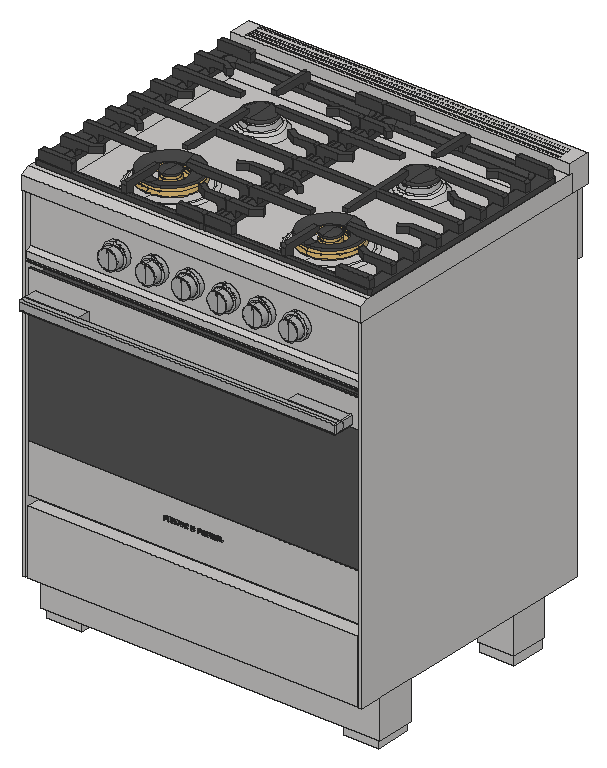
Revit family "FP_Revit_18_OR30SDG4X1_Range_90001006A", category Specialty Equipment, Revit 2018 (continued)
Definition of nested family "F&P Trivet Range Classic 30"
  Forms (mm)
    Extrusion 6, solid, material <- "Material - Burners & Trivets", detail levels medium+fine
      sketch origin (0, 0, 0) x (1, 0, 0) y (0, 0, 1)
        loop
          line (-5.9, 40) -> (-49.369, 40) -> (-49.369, 26) -> (-24.85, 26)
          arc (-24.85, 26) -> (-21.314, 24.536) -> (-19.85, 21) r 5
          line (-19.85, 21) -> (-19.85, 9.497) -> (-9.304, 19) -> (-0.9, 19)
      from 56.818 to 68.598
    Extrusion 7, solid, material <- "Material - Burners & Trivets", detail levels medium+fine
      sketch origin (0, 0, 0) x (1, 0, 0) y (0, 0, 1)
        loop
          line (-370.85, 19) -> (-347.6, 19) -> (-337.05, 9.493) -> (-337.05, 21)
          arc (-337.05, 21) -> (-335.586, 24.536) -> (-332.05, 26) r 5
          line (-332.05, 26) -> (-241.764, 26) -> (-218.764, 31.5) -> (-218.764, 40) -> (-365.85, 40)
          arc (-365.85, 40) -> (-369.386, 38.536) -> (-370.85, 35) r 5
          line (-370.85, 35) -> (-370.85, 19)
        loop
          line (-0.9, 19) -> (-0.9, 35)
          arc (-0.9, 35) -> (-2.364, 38.536) -> (-5.9, 40) r 5
          line (-5.9, 40) -> (-139.236, 40) -> (-139.236, 31.5) -> (-116.236, 26) -> (-24.85, 26)
          arc (-24.85, 26) -> (-21.314, 24.536) -> (-19.85, 21) r 5
          line (-19.85, 21) -> (-19.85, 9.497) -> (-9.304, 19) -> (-0.9, 19)
      from 119.209 to 130.989
    Extrusion 8, solid, material <- "Material - Burners & Trivets", detail levels medium+fine
      sketch origin (0, 0, 0) x (1, 0, 0) y (0, 1, 0)
        loop
          line (-308.63, -181.6) -> (-308.63, -193.38) -> (-285.489, -180.02) -> (-290.59, -171.185) -> (-308.63, -181.6)
        loop
          line (-49.37, -181.6) -> (-67.41, -171.185) -> (-72.511, -180.02) -> (-49.37, -193.38) -> (-49.37, -181.6)
        loop
          line (-308.63, -68.598) -> (-290.59, -79.014) -> (-285.489, -70.179) -> (-308.63, -56.818) -> (-308.63, -68.598)
        loop
          line (-49.37, -68.598) -> (-49.37, -56.818) -> (-72.511, -70.179) -> (-67.41, -79.014) -> (-49.37, -68.598)
      from 26 to 40
    Extrusion 9, solid, material <- "Material - Burners & Trivets", detail levels medium+fine
      sketch origin (0, 0, 0) x (0, 1, 0) y (0, 0, 1)
        loop
          line (-239.1, 9.493) -> (-239.1, 21.869)
          arc (-239.1, 21.869) -> (-237.636, 25.405) -> (-234.1, 26.869) r 5
          line (-234.1, 26.869) -> (-184.162, 26.869) -> (-164.798, 31.5) -> (-164.798, 40) -> (-251.51, 40)
          arc (-251.51, 40) -> (-255.046, 38.536) -> (-256.51, 35) r 5
          line (-256.51, 35) -> (-256.51, 19) -> (-249.65, 19) -> (-239.1, 9.493)
        loop
          line (-6.011, 26.869) -> (-6.011, 40) -> (-85.401, 40) -> (-85.401, 31.5) -> (-66.036, 26.869) -> (-6.011, 26.869)
        loop
          line (239.1, 9.493) -> (249.65, 19) -> (256.51, 19) -> (256.51, 35)
          arc (256.51, 35) -> (255.046, 38.536) -> (251.51, 40) r 5
          line (251.51, 40) -> (164.798, 40) -> (164.798, 31.5) -> (184.162, 26.869) -> (234.1, 26.869)
          arc (234.1, 26.869) -> (237.636, 25.405) -> (239.1, 21.869) r 5
          line (239.1, 21.869) -> (239.1, 9.493)
        loop
          line (6.011, 26.869) -> (66.036, 26.869) -> (85.401, 31.5) -> (85.401, 40) -> (6.011, 40) -> (6.011, 26.869)
      from -184.333 to -173.667
    Extrusion 10, solid, material <- "Material - Burners & Trivets", detail levels medium+fine
      sketch origin (0, 0, 0) x (1, 0, 0) y (0, 0, -1)
        loop
          line (-370.85, -19) -> (-370.85, -35)
          arc (-370.85, -35) -> (-369.386, -38.536) -> (-365.85, -40) r 5
          line (-365.85, -40) -> (-308.63, -40) -> (-308.63, -26) -> (-332.05, -26)
          arc (-332.05, -26) -> (-335.586, -24.536) -> (-337.05, -21) r 5
          line (-337.05, -21) -> (-337.05, -9.493) -> (-347.6, -19) -> (-370.85, -19)
        loop
          line (-0.9, -19) -> (-9.304, -19) -> (-19.85, -9.497) -> (-19.85, -21)
          arc (-19.85, -21) -> (-21.314, -24.536) -> (-24.85, -26) r 5
          line (-24.85, -26) -> (-49.369, -26) -> (-49.369, -40) -> (-5.9, -40)
          arc (-5.9, -40) -> (-2.364, -38.536) -> (-0.9, -35) r 5
          line (-0.9, -35) -> (-0.9, -19)
      from 181.6 to 193.38
    Extrusion 11, solid, material <- "Material - Burners & Trivets", detail levels medium+fine
      sketch origin (0, 0, 0) x (1, 0, 0) y (0, 0, -1)
        loop
          line (-370.85, -19) -> (-370.85, -35)
          arc (-370.85, -35) -> (-369.386, -38.536) -> (-365.85, -40) r 5
          line (-365.85, -40) -> (-308.63, -40) -> (-308.63, -26) -> (-332.05, -26)
          arc (-332.05, -26) -> (-335.586, -24.536) -> (-337.05, -21) r 5
          line (-337.05, -21) -> (-337.05, -9.493) -> (-347.6, -19) -> (-370.85, -19)
        loop
          line (-0.9, -19) -> (-9.304, -19) -> (-19.85, -9.497) -> (-19.85, -21)
          arc (-19.85, -21) -> (-21.314, -24.536) -> (-24.85, -26) r 5
          line (-24.85, -26) -> (-49.369, -26) -> (-49.369, -40) -> (-5.9, -40)
          arc (-5.9, -40) -> (-2.364, -38.536) -> (-0.9, -35) r 5
          line (-0.9, -35) -> (-0.9, -19)
      from 56.818 to 68.598
    Extrusion 12, solid, material <- "Material - Burners & Trivets", detail levels medium+fine
      sketch origin (0, 0, 0) x (1, 0, 0) y (0, 0, -1)
        loop
          line (-370.85, -19) -> (-370.85, -35)
          arc (-370.85, -35) -> (-369.386, -38.536) -> (-365.85, -40) r 5
          line (-365.85, -40) -> (-218.764, -40) -> (-218.764, -31.5) -> (-241.764, -26) -> (-332.05, -26)
          arc (-332.05, -26) -> (-335.586, -24.536) -> (-337.05, -21) r 5
          line (-337.05, -21) -> (-337.05, -9.493) -> (-347.6, -19) -> (-370.85, -19)
        loop
          line (-0.9, -19) -> (-9.304, -19) -> (-19.85, -9.497) -> (-19.85, -21)
          arc (-19.85, -21) -> (-21.314, -24.536) -> (-24.85, -26) r 5
          line (-24.85, -26) -> (-116.236, -26) -> (-139.236, -31.5) -> (-139.236, -40) -> (-5.9, -40)
          arc (-5.9, -40) -> (-2.364, -38.536) -> (-0.9, -35) r 5
          line (-0.9, -35) -> (-0.9, -19)
      from 119.209 to 130.989
    Extrusion 13, solid, material <- "Material - Burners & Trivets", detail levels medium+fine
      sketch origin (0, 0, 0) x (1, 0, 0) y (0, 1, 0)
        loop
          line (-308.63, 181.6) -> (-290.59, 171.185) -> (-285.489, 180.02) -> (-308.63, 193.38) -> (-308.63, 181.6)
        loop
          line (-49.37, 181.6) -> (-49.37, 193.38) -> (-72.511, 180.02) -> (-67.41, 171.185) -> (-49.37, 181.6)
        loop
          line (-308.63, 68.598) -> (-308.63, 56.818) -> (-285.489, 70.179) -> (-290.59, 79.014) -> (-308.63, 68.598)
        loop
          line (-49.37, 68.598) -> (-67.41, 79.014) -> (-72.511, 70.179) -> (-49.37, 56.818) -> (-49.37, 68.598)
      from 26 to 40
    Extrusion 14, solid, material <- "Material - Burners & Trivets", detail levels medium+fine
      sketch origin (0, 0, 0) x (1, 0, 0) y (0, 0, 1)
        loop
          line (-370.85, 19) -> (-347.6, 19) -> (-337.05, 9.493) -> (-337.05, 21)
          arc (-337.05, 21) -> (-335.586, 24.536) -> (-332.05, 26) r 5
          line (-332.05, 26) -> (-24.85, 26)
          arc (-24.85, 26) -> (-21.314, 24.536) -> (-19.85, 21) r 5
          line (-19.85, 21) -> (-19.85, 9.497) -> (-9.304, 19) -> (-0.9, 19) -> (-0.9, 35)
          arc (-0.9, 35) -> (-2.364, 38.536) -> (-5.9, 40) r 5
          line (-5.9, 40) -> (-365.85, 40)
          arc (-365.85, 40) -> (-369.386, 38.536) -> (-370.85, 35) r 5
          line (-370.85, 35) -> (-370.85, 19)
      from -6.011 to 6.011
    Extrusion 15, solid, material <- "Material - Burners & Trivets", detail levels coarse
      sketch origin (0, 0, 0) x (1, 0, 0) y (0, 1, 0)
        loop
          line (-375.9, 260.15) -> (-375.9, -260.15) -> (-0.9, -260.15) -> (-0.9, 260.15) -> (-375.9, 260.15)
        loop
          line (-337.05, 239.1) -> (-337.05, -239.1) -> (-19.85, -239.1) -> (-19.85, 239.1) -> (-337.05, 239.1)
      from 9.493 to 19
    Extrusion 16, solid, detail levels coarse
      sketch origin (0, 0, 0) x (1, 0, 0) y (0, 1, 0)
        loop
          line (-184.333, 256.51) -> (-184.333, 130.989) -> (-370.85, 130.989) -> (-370.85, 119.209) -> (-184.333, 119.209) -> (-184.333, 6.011) -> (-370.85, 6.011) -> (-370.85, -6.011) -> (-184.333, -6.011) -> (-184.333, -119.209) -> (-370.85, -119.209) -> (-370.85, -130.989) -> (-184.333, -130.989) -> (-184.333, -256.51) -> (-173.667, -256.51) -> (-173.667, -130.989) -> (-0.9, -130.989) -> (-0.9, -119.209) -> (-173.667, -119.209) -> (-173.667, -6.011) -> (-0.9, -6.011) -> (-0.9, 6.011) -> (-173.667, 6.011) -> (-173.667, 119.209) -> (-0.9, 119.209) -> (-0.9, 130.989) -> (-173.667, 130.989) -> (-173.667, 256.51) -> (-184.333, 256.51)
      from 26 to 40
  Cuts and joins
    joined: Extrusion 3, Extrusion 6, Extrusion 8
    joined: Extrusion 9, Extrusion 14
    joined: Extrusion 10, Extrusion 11, Extrusion 13
  Lines and regions (mm)
    sketch lines
      curve 1: line (-347.6, -229.65, 19) -> (-347.6, 229.65, 19)
      curve 2: arc (-347.6, -229.65, 19) -> (-341.742, -243.792, 19) -> (-327.6, -249.65, 19) r 20
      curve 3: line (-29.3, -249.65, 19) -> (-327.6, -249.65, 19)
      curve 4: line (-9.3, 229.65, 19) -> (-9.3, -229.65, 19)
      curve 5: arc (-29.3, -249.65, 19) -> (-15.158, -243.792, 19) -> (-9.3, -229.65, 19) r 20
      curve 6: arc (-9.3, 229.65, 19) -> (-15.158, 243.792, 19) -> (-29.3, 249.65, 19) r 20
      curve 7: line (-327.6, 249.65, 19) -> (-29.3, 249.65, 19)
      curve 8: arc (-327.6, 249.65, 19) -> (-341.742, 243.792, 19) -> (-347.6, 229.65, 19) r 20
  Dimensions and locks
    aligned and locked: level to plane 2
Definition of nested family "F&P Dial Range Contemporary"
  Parameters (values of type "F&P Dial Range Contemporary")
    URL = "www.fisherpaykel.com"
    Material - Buttons and Dials = none
    Manufacturer = "Fisher & Paykel Appliances"
  Reference planes
    plane 1 "Center (Front/Back)": y = 0
    plane 2: z = 0
    plane 3 "Center (Left/Right)": x = 0
  Forms (mm)
    Revolve 1, solid, material <- "Material - Buttons and Dials", detail levels fine
      sketch origin (0, 0, 0) x (0, 1, 0) y (0, 0, 1)
        loop
          line (0, 0) -> (0, 27.732) -> (-10.5, 27.732) -> (-13, 24.291) -> (-13, 22) -> (-29.2, 22) -> (-30, 21.2) -> (-30, 0) -> (0, 0)
        axis (0, 0) -> (-30, 0)
      angle from 0 to 360
    Revolve 2, solid, material <- "Material - Buttons and Dials", detail levels coarse+medium
      sketch origin (0, 0, 0) x (0, 1, 0) y (0, 0, 1)
        loop
          line (-30, 0) -> (0, 0) -> (0, 27.732) -> (-13, 27.732) -> (-13, 22) -> (-30, 22) -> (-30, 0)
        axis (0, 0) -> (-30, 0)
      angle from 0 to 360
    Extrusion 3, void
      sketch origin (0, 0, 0) x (1, 0, 0) y (0, 1, 0)
        loop
          line (-1, -6) -> (-1, -13) -> (1, -13) -> (1, -6)
          arc (1, -6) -> (0, -5) -> (-1, -6) r 1
      from 27 to 28
    Extrusion 4, void
      sketch origin (0, 0, 0) x (1, 0, 0) y (0, 0, 1)
        loop
          line (-1, 19) -> (-1, 16)
          arc (-1, 16) -> (0, 15) -> (1, 16) r 1
          line (1, 16) -> (1, 19)
          arc (1, 19) -> (0, 20) -> (-1, 19) r 1
      from 29.2 to 30
  Cuts and joins
    Extrusion 3, Extrusion 4 cuts Revolve 1
  Dimensions and locks
    aligned and locked: level to plane 2
Definition of nested family "F&P Range Gas Regulator"
  Parameters (values of type "Gas Reg 2")
    URL = "www.fisherpaykel.com"
    Material - Body = none
    Manufacturer = "Fisher & Paykel Appliances"
    Hide = no
  Types (3, lengths in mm): name | Hide
    (no name) | no
    Gas Reg 1 | yes
    Gas Reg 2 | no
  Reference planes
    plane 1 "Center (Front/Back)": y = 0
    plane 2: z = 0
    plane 3 "Center (Left/Right)": x = 0
  Forms (mm)
    Extrusion 1, solid, material <- "Material - Body"
      sketch origin (0, 0, -393.019) x (1, 0, 0) y (0, 0, 1)
        loop
          arc (-16.279, 431.479) -> (-26.886, 427.086) -> (-31.279, 416.479) r 15
          line (-31.279, 416.479) -> (-31.279, 369.559)
          arc (-31.279, 369.559) -> (-26.886, 358.953) -> (-16.279, 354.559) r 15
          line (-16.279, 354.559) -> (17.721, 354.559)
          arc (17.721, 354.559) -> (28.327, 358.953) -> (32.721, 369.559) r 15
          line (32.721, 369.559) -> (32.721, 416.479)
          arc (32.721, 416.479) -> (28.327, 427.086) -> (17.721, 431.479) r 15
          line (17.721, 431.479) -> (-16.279, 431.479)
      from 6 to 22
    Extrusion 2, solid, material <- "Material - Body"
      sketch origin (0, 0, -393.019) x (1, 0, 0) y (0, 0, 1)
        loop
          circle (0, 393.019) r 28
      from 22 to 28
    Extrusion 3, solid
      sketch origin (0, 0, -393.019) x (1, 0, 0) y (0, 0, 1)
        loop
          line (3.922, 392.231) -> (6.683, 390.937)
          arc (6.683, 390.937) -> (2.97, 399.358) -> (-5.877, 396.822) r 7
          line (-5.877, 396.822) -> (-3.115, 395.528)
          arc (-3.115, 395.528) -> (1.697, 396.641) -> (3.922, 392.231) r 4
        loop
          arc (-6.7, 395.047) -> (-2.97, 386.681) -> (5.845, 389.168) r 7
          line (5.845, 389.168) -> (3.078, 390.465)
          arc (3.078, 390.465) -> (-1.697, 389.397) -> (-3.933, 393.75) r 4
          line (-3.933, 393.75) -> (-6.7, 395.047)
      from 44.971 to 46
    Revolve 4, solid, material <- "Material - Body"
      sketch origin (0, 0, -393.019) x (1, 0, 0) y (0, 0, 1)
        loop
          line (-7.933, 499.672) -> (-7.933, 463.768) -> (-13.744, 463.768) -> (-13.744, 449.671) -> (-10.314, 449.671) -> (-10.314, 442.94) -> (-13.744, 442.94) -> (-13.744, 434.858) -> (-18.216, 434.858) -> (-18.216, 343.635) -> (0, 343.635) -> (0, 499.672) -> (-7.933, 499.672)
        axis (0, 499.672) -> (0, 343.635)
      angle from 0 to 360
    Extrusion 5, solid, material <- "Material - Body"
      sketch origin (0, 0, -393.019) x (1, 0, 0) y (0, 0, 1)
        loop
          circle (0.005, 393) r 11.022
      from 28 to 44.971
    Extrusion 6, solid, material <- "Material - Body", visible <- "Hide"
      sketch origin (0, 0, 0) x (1, 0, 0) y (0, 1, 0)
        loop
          circle (0, 0) r 11
      from -119.631 to -49.384
  Cuts and joins
    joined: Extrusion 1, Revolve 4
  Dimensions and locks
    aligned and locked: level to plane 2
Definition of nested family "F&P Handle Contemporary OR30-36"
  Parameters (values of type "30"")
    URL = "www.fisherpaykel.com"
    Product - Width = 710 mm
    Model = ""
    Material - Handle = none
    Manufacturer = "Fisher & Paykel Appliances"
    Keynote = ""
    Description = ""
  Types (3, lengths in mm): name | Product - Width
    (no name) | 710
    36" | 834
    30" | 710
  Reference planes
    plane 1 "Center (Front/Back)": y = 0
    plane 2: z = 0
    plane 3 "Center (Left/Right)": x = 0
    plane 4 "Product LHS": x = -355
    plane 5 "Product RHS": x = 355
  Forms (mm)
    Extrusion 1, solid, material <- "Material - Handle", detail levels fine
      sketch origin (0, 0, 30.1) x (0, 1, 0) y (0, 0, 1)
        loop
          arc (-25.32, 688.263) -> (-20.3, 677.063) -> (-25.32, 665.863) r 15.003
          line (-25.32, 665.863) -> (4.5, 665.863) -> (4.5, 688.263) -> (-25.32, 688.263)
      from 355 to 235
    Extrusion 2, solid, material <- "Material - Handle", detail levels fine
      sketch origin (0, 0, 30.1) x (0, 1, 0) y (0, 0, 1)
        loop
          line (-25.869, 688.563) -> (-37.028, 688.563)
          arc (-37.028, 688.563) -> (-38.776, 687.838) -> (-39.5, 686.09) r 2.472
          line (-39.5, 686.09) -> (-39.5, 668.098)
          arc (-39.5, 668.098) -> (-38.758, 666.305) -> (-36.965, 665.563) r 2.535
          line (-36.965, 665.563) -> (-25.869, 665.563)
          arc (-25.869, 665.563) -> (-20.572, 677.063) -> (-25.869, 688.563) r 15.131
      from -355 to 355
    Extrusion 3, solid, material <- "Material - Handle", detail levels fine
      sketch origin (0, 0, 30.1) x (0, 1, 0) y (0, 0, 1)
        loop
          arc (-25.32, 688.263) -> (-20.3, 677.063) -> (-25.32, 665.863) r 15.003
          line (-25.32, 665.863) -> (4.5, 665.863) -> (4.5, 688.263) -> (-25.32, 688.263)
      from -235 to -355
    Sweep 4, void
      path in 3D
        loop
          line (355, -25.869, 718.663) -> (355, -37.028, 718.663)
          arc (355, -37.028, 718.663) -> (355, -38.776, 717.938) -> (355, -39.5, 716.19) r 2.472
          line (355, -39.5, 716.19) -> (355, -39.5, 698.198)
          arc (355, -39.5, 698.198) -> (355, -38.758, 696.405) -> (355, -36.965, 695.663) r 2.535
          line (355, -36.965, 695.663) -> (355, -25.869, 695.663)
      profile origin (355, -31.449, 718.663) x (1, 0, 0) y (0, 0, 1)
        loop
          line (0, 0) -> (-2, 0) -> (0, -2) -> (0, 0)
    Extrusion 5, void
      sketch origin (0, 0, 0) x (1, 0, 0) y (0, 0, 1)
        loop
          line (353, 718.663) -> (355, 716.663) -> (355, 718.663) -> (353, 718.663)
        loop
          line (353, 695.663) -> (355, 695.663) -> (355, 697.663) -> (353, 695.663)
      from -4.5 to 25.869
    Sweep 6, void
      path in 3D
        loop
          line (-355, -25.869, 695.663) -> (-355, -36.965, 695.663)
          arc (-355, -36.965, 695.663) -> (-355, -38.758, 696.405) -> (-355, -39.5, 698.198) r 2.535
          line (-355, -39.5, 698.198) -> (-355, -39.5, 716.19)
          arc (-355, -39.5, 716.19) -> (-355, -38.776, 717.938) -> (-355, -37.028, 718.663) r 2.472
          line (-355, -37.028, 718.663) -> (-355, -25.869, 718.663)
      profile origin (-355, -31.449, 718.663) x (-1, 0, 0) y (0, 0, 1)
        loop
          line (0, 0) -> (-2, 0) -> (0, -2) -> (0, 0)
    Extrusion 7, void
      sketch origin (0, 0, 0) x (1, 0, 0) y (0, 0, 1)
        loop
          line (-353, 718.663) -> (-355, 718.663) -> (-355, 716.663) -> (-353, 718.663)
        loop
          line (-355, 697.663) -> (-355, 695.663) -> (-353, 695.663) -> (-355, 697.663)
      from -4.5 to 25.869
    Extrusion 8, solid, material <- "Material - Handle", detail levels coarse+medium
      sketch origin (0, 0, 0) x (1, 0, 0) y (0, 1, 0)
        loop
          line (355, 4.5) -> (235, 4.5) -> (235, -20.3) -> (-235, -20.3) -> (-235, 4.5) -> (-355, 4.5) -> (-355, -39.5) -> (355, -39.5) -> (355, 4.5)
      from 695.663 to 718.663
  Cuts and joins
    Sweep 4, Extrusion 5, Sweep 6, Extrusion 7 cuts Extrusion 2
    Extrusion 5 cuts Extrusion 1
    Extrusion 7 cuts Extrusion 3
  Lines and regions (mm)
    sketch lines
      curve 1: line (355, -25.869, 718.663) -> (355, -37.028, 718.663)
      curve 2: arc (355, -39.5, 716.19) -> (355, -38.776, 717.938) -> (355, -37.028, 718.663) r 2.472
      curve 3: line (355, -39.5, 716.19) -> (355, -39.5, 698.198)
      curve 4: arc (355, -36.965, 695.663) -> (355, -38.758, 696.405) -> (355, -39.5, 698.198) r 2.535
      curve 5: line (355, -36.965, 695.663) -> (355, -25.869, 695.663)
      curve 6: line (-355, -37.028, 718.663) -> (-355, -25.869, 718.663)
      curve 7: arc (-355, -37.028, 718.663) -> (-355, -38.776, 717.938) -> (-355, -39.5, 716.19) r 2.472
      curve 8: line (-355, -39.5, 698.198) -> (-355, -39.5, 716.19)
      curve 9: arc (-355, -39.5, 698.198) -> (-355, -38.758, 696.405) -> (-355, -36.965, 695.663) r 2.535
      curve 10: line (-355, -25.869, 695.663) -> (-355, -36.965, 695.663)
  Text (mm)
    text "Disclaimer:\nWe endevour to maintian the accuracy of our 3D content.\nHowever, product details are subject to change without notice.\nPlease refer to the product Data Sheets for the most current product information." at (41.04, -653.741, 0), in view "Ref. Level (Plan)"
  Dimensions and locks
    equal spacing: plane 4 "Product LHS", plane 3 "Center (Left/Right)", plane 5 "Product RHS"
    "Product - Width": plane 4 "Product LHS" to plane 5 "Product RHS"
    plane 1 "Center (Front/Back)" to Extrusion 8 = 4.5 mm
    locked: plane 4 "Product LHS" to cut or joined group of Extrusion 3, Extrusion 7 at 120
    locked: cut or joined group of Extrusion 1, Extrusion 5 to plane 5 "Product RHS" at 120
    aligned and locked: level to plane 2
    aligned and locked: Extrusion 2 to Extrusion 1
    aligned and locked: plane 4 "Product LHS" to Extrusion 3
    aligned and locked: plane 4 "Product LHS" to Extrusion 2
    aligned and locked: Extrusion 1 to plane 5 "Product RHS"
    aligned and locked: Extrusion 2 to plane 5 "Product RHS"
    aligned and locked: Extrusion 8 sketch curve to cut or joined group of Extrusion 1, Extrusion 5
    aligned and locked: Extrusion 8 sketch curve to cut or joined group of Extrusion 3, Extrusion 7
  Automatic sketch dimensions
    plane 1 "Center (Front/Back)" to Extrusion 1 sketch curve = 35.303 mm
    Extrusion 1 sketch curve to Extrusion 1 sketch curve = 9.983 mm  (x2)
    Extrusion 1 sketch curve to plane 1 "Center (Front/Back)" = 4.5 mm
    Extrusion 1 sketch curve to Extrusion 1 sketch curve = 11.2 mm
    plane 1 "Center (Front/Back)" to Extrusion 2 sketch curve = 39.5 mm
    Extrusion 2 sketch curve to Extrusion 2 sketch curve = 2.472 mm
    Extrusion 2 sketch curve to Extrusion 2 sketch curve = 2.535 mm
    Extrusion 2 sketch curve to Extrusion 2 sketch curve = 1.262 mm
    Extrusion 2 sketch curve to Extrusion 2 sketch curve = 11.159 mm
    Extrusion 2 sketch curve to Extrusion 2 sketch curve = 11.096 mm
    Extrusion 2 sketch curve to Extrusion 2 sketch curve = 8.965 mm
    plane 1 "Center (Front/Back)" to Extrusion 3 sketch curve = 35.303 mm
    Extrusion 3 sketch curve to Extrusion 3 sketch curve = 9.983 mm  (x2)
    Extrusion 3 sketch curve to plane 1 "Center (Front/Back)" = 4.5 mm
    Extrusion 3 sketch curve to Extrusion 3 sketch curve = 11.2 mm
    level to Extrusion 1 sketch curve = 695.963 mm
    level to Extrusion 2 sketch curve = 695.663 mm
    level to Extrusion 3 sketch curve = 695.963 mm
    Sweep 4 sketch curve to profile plane = 0 mm
    profile plane to Sweep 4 sketch curve = 0 mm
    profile plane to Sweep 4 sketch curve = 2 mm
    Sweep 4 sketch curve to profile plane = 2 mm
    plane 5 "Product RHS" to Extrusion 5 sketch curve = 0 mm  (x2)
    Extrusion 5 sketch curve to Extrusion 5 sketch curve = 2 mm  (x4)
    level to Extrusion 5 sketch curve = 695.663 mm
    Extrusion 5 sketch curve to Extrusion 5 sketch curve = 19 mm
    Sweep 6 sketch curve to profile plane = 0 mm  (x2)
    profile plane to Sweep 6 sketch curve = 2 mm
    Sweep 6 sketch curve to profile plane = 2 mm
    plane 4 "Product LHS" to Extrusion 7 sketch curve = 0 mm  (x2)
    Extrusion 7 sketch curve to plane 4 "Product LHS" = 2 mm  (x2)
    level to Extrusion 7 sketch curve = 695.663 mm
    Extrusion 7 sketch curve to Extrusion 7 sketch curve = 21 mm
    Extrusion 7 sketch curve to Extrusion 7 sketch curve = 2 mm  (x2)
    Extrusion 8 sketch curve to plane 4 "Product LHS" = 0 mm
    Extrusion 8 sketch curve to plane 5 "Product RHS" = 0 mm
    plane 1 "Center (Front/Back)" to Extrusion 8 sketch curve = 20.3 mm
    plane 1 "Center (Front/Back)" to Extrusion 8 sketch curve = 39.5 mm
    Extrusion 8 sketch curve to plane 1 "Center (Front/Back)" = 4.5 mm  (x2)
